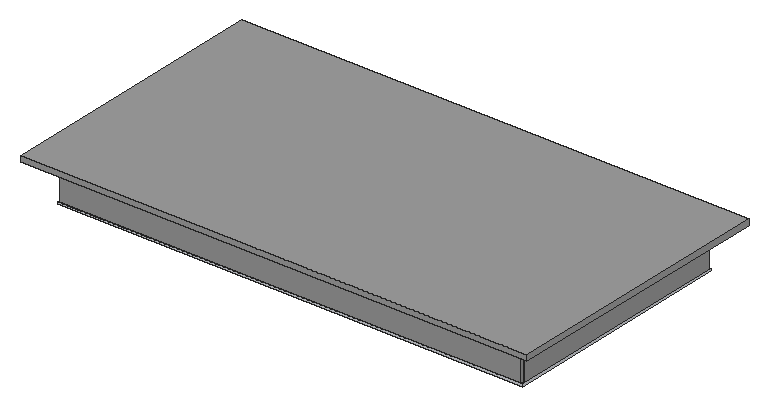
Revit family "ponton.v2", category Generic Models, Revit 2014
Parameters
  waterverplaatsing = (massa opbouw + eigengewicht_totaal) / 1000  # 241.44
  waterspiegel [instance] = max_hoogte - diepte_offset  # 392.8 mm
  verticaal grid [instance] = no
  overstek ponton zuid [instance] = 1000 mm
  overstek ponton west [instance] = 1000 mm
  overstek ponton oost [instance] = 1000 mm
  overstek ponton noord [instance] = 1000 mm
  max_hoogte = hoogte + 1500 mm  # 3100 mm
  massa opbouw = 100000
  lengte = 20000 mm
  horizontaal grid [instance] = yes
  hoogte = 1600 mm
  eigengewicht_per_m2_pontonconstructie = 260
  eigengewicht_totaal = (lengte / 1000 mm * 2 * breedte / 1000 mm * eigengewicht_per_m2_pontonconstructie) + (lengte / 1000 mm * 2 * hoogte / 1000 mm * eigengewicht_per_m2_pontonconstructie) + (breedte / 1000 mm * 5 * hoogte / 1000 mm * eigengewicht_per_m2_pontonconstructie)  # 141440
  netto drijfvermogen = ((lengte / 1000 mm * hoogte / 1000 mm * breedte / 1000 mm) * 1000) - eigengewicht_totaal  # 178560
  diepte = (waterverplaatsing * 1000 mm * 1000 mm * 1000 mm) / (lengte * breedte)  # 1207.2 mm
  diepte_offset = max_hoogte + diepte - hoogte  # 2707.2 mm
  breedte = 10000 mm
Reference planes
  plane 1 "Center (Front/Back)": y = 0
  plane 2: z = 0
  plane 3 "Center (Left/Right)": x = 0
  plane 4: x = 10000
  plane 5: x = 5000
  plane 6: x = 0
  plane 7: x = -5000
  plane 8: x = -10000
  plane 9: y = 5000
  plane 10: y = -5000
  plane 11: y = 0
  plane 12: z = 392.8
  plane 13: z = 142.8
  plane 14: y = 6000
  plane 15: x = 11000
  plane 16: y = -6000
  plane 17: x = -11000
  plane 18: z = -1457.2
  plane 19 "UpperBound": z = 3100
Forms (mm)
  Extrusion 1, solid, material "Default"
    sketch origin (10000, 0, 392.8) x (1, 0, 0) y (0, 1, 0)
      loop
        line (-21000, 6000) -> (-21000, -6000) -> (1000, -6000) -> (1000, 6000) -> (-21000, 6000)
    from -250 to 0
  Extrusion 2, solid, material "Concrete, Lightweight, 30"
    sketch origin (12342.469, 0, 142.8) x (1, 0, 0) y (0, 1, 0)
      loop
        line (-22442.469, 5000) -> (-22442.469, -5000) -> (-22242.469, -5000) -> (-22242.469, 5000) -> (-22342.469, 5000) -> (-22442.469, 5000)
    from -1600 to 0
  Extrusion 3, solid, material "Concrete, Lightweight, 30", visible <- "verticaal grid"
    sketch origin (12342.469, 0, 142.8) x (1, 0, 0) y (0, 1, 0)
      loop
        line (-17342.469, 5000) -> (-17442.469, 5000) -> (-17442.469, -5000) -> (-17242.469, -5000) -> (-17242.469, 5000) -> (-17342.469, 5000)
    from -1600 to 0
  Extrusion 4, solid, material "Concrete, Lightweight, 30", visible <- "verticaal grid"
    sketch origin (17342.469, 0, 142.8) x (1, 0, 0) y (0, 1, 0)
      loop
        line (-17342.469, 5000) -> (-17442.469, 5000) -> (-17442.469, -5000) -> (-17242.469, -5000) -> (-17242.469, 5000) -> (-17342.469, 5000)
    from -1600 to 0
  Extrusion 5, solid, material "Concrete, Lightweight, 30", visible <- "verticaal grid"
    sketch origin (22342.469, 0, 142.8) x (1, 0, 0) y (0, 1, 0)
      loop
        line (-17342.469, 5000) -> (-17442.469, 5000) -> (-17442.469, -5000) -> (-17242.469, -5000) -> (-17242.469, 5000) -> (-17342.469, 5000)
    from -1600 to 0
  Extrusion 6, solid, material "Concrete, Lightweight, 30"
    sketch origin (27342.469, 0, 142.8) x (1, 0, 0) y (0, 1, 0)
      loop
        line (-17342.469, 5000) -> (-17442.469, 5000) -> (-17442.469, -5000) -> (-17242.469, -5000) -> (-17242.469, 5000) -> (-17342.469, 5000)
    from -1600 to 0
  Extrusion 7, solid, material "Concrete, Lightweight, 30"
    sketch origin (12342.469, 0, 142.8) x (1, 0, 0) y (0, 1, 0)
      loop
        line (-22342.469, 5100) -> (-22342.469, 4900) -> (-2342.469, 4900) -> (-2342.469, 5100) -> (-22342.469, 5100)
    from -1600 to 0
  Extrusion 8, solid, material "Concrete, Lightweight, 30", visible <- "horizontaal grid"
    sketch origin (12342.469, -5000, 142.8) x (1, 0, 0) y (0, 1, 0)
      loop
        line (-22342.469, 5100) -> (-22342.469, 4900) -> (-2342.469, 4900) -> (-2342.469, 5100) -> (-22342.469, 5100)
    from -1600 to 0
  Extrusion 9, solid, material "Concrete, Lightweight, 30"
    sketch origin (12342.469, -10000, 142.8) x (1, 0, 0) y (0, 1, 0)
      loop
        line (-22342.469, 5100) -> (-22342.469, 4900) -> (-2342.469, 4900) -> (-2342.469, 5100) -> (-22342.469, 5100)
    from -1600 to 0
  Extrusion 10, solid
    sketch origin (11000, 0, -1457.2) x (1, 0, 0) y (0, 1, 0)
      loop
        line (-21100, 5100) -> (-21100, -5100) -> (-900, -5100) -> (-900, 5100) -> (-21100, 5100)
    from 0 to -100
  Extrusion 11, solid, material "Semi-rigid insulation"
    sketch origin (11000, 0, -1457.2) x (1, 0, 0) y (0, 1, 0)
      loop
        line (-20900, 4900) -> (-20900, -4900) -> (-1100, -4900) -> (-1100, 4900) -> (-20900, 4900)
    from 0 to 1600
Dimensions and locks
  "lengte": plane 8 to plane 4
  equal spacing: plane 8, plane 7, plane 6, plane 5, plane 4
  equal spacing: plane 9, plane 11, plane 10
  "breedte": plane 10 to plane 9
  locked: plane 13 to plane 12 at 250
  "overstek ponton noord": plane 14 to plane 9
  "overstek ponton zuid": plane 16 to plane 10
  "overstek ponton west": plane 17 to plane 8
  "overstek ponton oost": plane 4 to plane 15
  "hoogte": plane 18 to plane 13
  "diepte_offset": plane 19 "UpperBound" to plane 12
  "max_hoogte": plane 19 "UpperBound" to plane 2
  aligned and locked: level to plane 2
  aligned and locked: Extrusion 1 sketch curve to plane 14
  aligned and locked: Extrusion 1 sketch curve to plane 15
  aligned and locked: Extrusion 1 sketch curve to plane 16
  aligned and locked: Extrusion 1 sketch curve to plane 17
  aligned and locked: Extrusion 2 to plane 18
  aligned and locked: plane 9 to Extrusion 2
  aligned and locked: plane 10 to Extrusion 2
  aligned and locked: Extrusion 3 to Extrusion 2
  aligned and locked: Extrusion 3 to Extrusion 1
  aligned and locked: Extrusion 4 to Extrusion 2
  aligned and locked: Extrusion 4 to Extrusion 1
  aligned and locked: Extrusion 5 to plane 18
  aligned and locked: Extrusion 5 to Extrusion 1
  aligned and locked: Extrusion 6 to plane 18
  aligned and locked: Extrusion 6 to Extrusion 1
  aligned and locked: Extrusion 7 to Extrusion 2
  aligned and locked: Extrusion 7 to Extrusion 1
  aligned and locked: Extrusion 2 to Extrusion 8
  aligned and locked: Extrusion 8 to Extrusion 1
  aligned and locked: Extrusion 2 to Extrusion 9
  aligned and locked: Extrusion 9 to Extrusion 1
  aligned and locked: Extrusion 7 to Extrusion 10
  aligned and locked: Extrusion 10 to Extrusion 9
  aligned and locked: Extrusion 6 to Extrusion 10
  aligned and locked: Extrusion 10 to Extrusion 2
  aligned and locked: Extrusion 6 to Extrusion 11 sketch curve
  aligned and locked: Extrusion 2 to Extrusion 11 sketch curve
  aligned and locked: Extrusion 9 to Extrusion 11 sketch curve
  aligned and locked: Extrusion 7 to Extrusion 11 sketch curve
  aligned and locked: Extrusion 11 to Extrusion 1
  aligned and locked: Extrusion 11 to plane 18
Automatic sketch dimensions
  Extrusion 2 sketch curve to plane 9 = 0 mm
  plane 10 to Extrusion 2 sketch curve = 0 mm
  Extrusion 2 sketch curve to plane 8 = 0 mm
  Extrusion 2 sketch curve to plane 8 = 100 mm
  plane 8 to Extrusion 2 sketch curve = 100 mm
  Extrusion 3 sketch curve to plane 9 = 0 mm
  plane 10 to Extrusion 3 sketch curve = 0 mm
  Extrusion 3 sketch curve to plane 7 = 0 mm
  plane 7 to Extrusion 3 sketch curve = 100 mm
  Extrusion 3 sketch curve to Extrusion 3 sketch curve = 100 mm
  Extrusion 4 sketch curve to plane 9 = 0 mm
  plane 10 to Extrusion 4 sketch curve = 0 mm
  Extrusion 4 sketch curve to plane 3 "Center (Left/Right)" = 0 mm
  Extrusion 4 sketch curve to plane 3 "Center (Left/Right)" = 100 mm
  Extrusion 4 sketch curve to Extrusion 4 sketch curve = 100 mm
  Extrusion 5 sketch curve to plane 9 = 0 mm
  plane 10 to Extrusion 5 sketch curve = 0 mm
  Extrusion 5 sketch curve to plane 5 = 0 mm
  plane 5 to Extrusion 5 sketch curve = 100 mm
  Extrusion 5 sketch curve to Extrusion 5 sketch curve = 100 mm
  Extrusion 6 sketch curve to plane 9 = 0 mm
  plane 10 to Extrusion 6 sketch curve = 0 mm
  Extrusion 6 sketch curve to plane 4 = 0 mm
  Extrusion 6 sketch curve to plane 4 = 100 mm
  Extrusion 6 sketch curve to Extrusion 6 sketch curve = 100 mm
  Extrusion 7 sketch curve to plane 8 = 0 mm
  Extrusion 7 sketch curve to plane 4 = 0 mm
  Extrusion 7 sketch curve to plane 9 = 100 mm
  plane 9 to Extrusion 7 sketch curve = 100 mm
  Extrusion 8 sketch curve to plane 8 = 0 mm
  Extrusion 8 sketch curve to plane 4 = 0 mm
  plane 1 "Center (Front/Back)" to Extrusion 8 sketch curve = 100 mm
  Extrusion 8 sketch curve to plane 1 "Center (Front/Back)" = 100 mm
  Extrusion 9 sketch curve to plane 8 = 0 mm
  Extrusion 9 sketch curve to plane 4 = 0 mm
  plane 10 to Extrusion 9 sketch curve = 100 mm
  Extrusion 9 sketch curve to plane 10 = 100 mm
  Extrusion 10 sketch curve to plane 8 = 100 mm
  plane 4 to Extrusion 10 sketch curve = 100 mm
  plane 10 to Extrusion 10 sketch curve = 100 mm
  plane 9 to Extrusion 10 sketch curve = 100 mm
